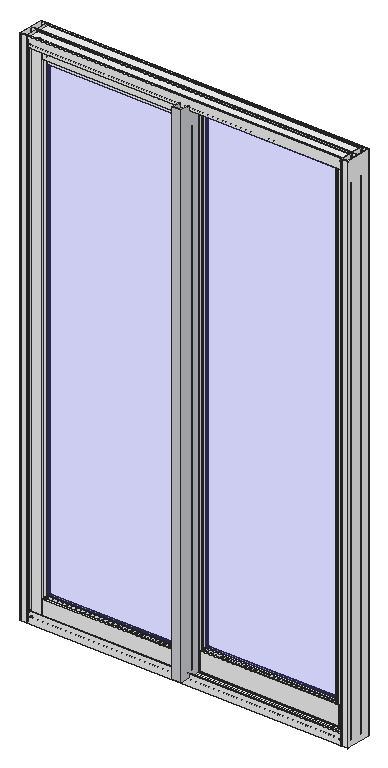
Revit family "Palace_Multi_XO_Standard", category Doors, host Wall, Revit 2014 (continued)
Definition of nested family "Palace_Sash_Fixed_Palace_XO_Std"
  Definition of nested family "Single_Glazing_Palace_XO_Std"
    Parameters (values of type "Single_Glazing")
      Glazing Height [instance] = 900 mm
      Right Sliding [instance] = yes
      Length Arrow Tip [instance] = if((Glazing Height - (2 * 50.3 mm)) / 8 > Length Arrow / 3.3, Length Arrow / 3.3, (Glazing Height - (2 * 50.3 mm)) / 8)  # 80.747 mm
      Length Arrow [instance] = (Glazing Width - (2 * 50.3 mm)) / 3  # 266.467 mm
      Left Sliding [instance] = yes
      Is Sliding [instance] = if(or(Right Sliding, Left Sliding), 1 = 1, 1 = 2)  # yes
      Glazing Thickness SG [instance] = 4 mm
      Glazing Material [instance] = Glass
      Double Glazing Gasket Material [instance] = none
      Arrow Tip Length [instance] = if((Glazing Height - (2 * 50.3 mm)) / 8 > Length Arrow / 3.3, Length Arrow / 3.3, (Glazing Height - (2 * 50.3 mm)) / 8)  # 80.747 mm
      Arrow Tip Angle = 45.00°  # constant formula
      Arrow Left Gap [instance] = (Glazing Width - Length Arrow) / 2  # 316.767 mm
      Arrow Bottom Gap [instance] = Glazing Height / 2  # 450 mm
    Reference planes
      plane 1 "Center (Front/Back)": y = 0
      plane 2: z = 0
      plane 3 "Center (Left/Right)": x = 0
    Forms (mm)
      Extrusion 1, solid, material "Glass" <- "Glazing Material"
        sketch origin (0, 0, 0) x (1, 0, 0) y (0, 0, 1)
          loop
            line (0, 0) -> (0, 900) -> (-900, 900) -> (-900, 0) -> (0, 0)
        from 0 to 4 <- "Glazing Thickness SG"
    Lines and regions (mm)
      model lines, visible <- "Is Sliding"
        curve 1: line (-583.233, -4, 450) -> (-316.767, -4, 450)
      model lines, visible <- "Left Sliding"
        curve 2: line (-316.767, -4, 450) -> (-373.864, -4, 507.097)
        curve 3: line (-316.767, -4, 450) -> (-373.864, -4, 392.903)
      model lines, visible <- "Right Sliding"
        curve 4: line (-583.233, -4, 450) -> (-526.136, -4, 507.097)
        curve 5: line (-583.233, -4, 450) -> (-526.136, -4, 392.903)
    Dimensions and locks
      "Length Arrow": curve 1 to curve 1
      "Arrow Left Gap": plane 3 "Center (Left/Right)" to curve 1
      "Arrow Bottom Gap": level to curve 1
      "Arrow Tip Length": curve 3 to curve 2
      "Arrow Tip Length": curve 3 to curve 3
      "Length Arrow Tip": curve 5 to curve 5
      "Length Arrow Tip": curve 5 to curve 4
      "Glazing Width": plane 3 "Center (Left/Right)" to Extrusion 1 sketch curve
      "Glazing Height": Extrusion 1 sketch curve to level
      "Arrow Tip Angle": angle curve 3 to curve 1
      "Arrow Tip Angle": angle curve 1 to curve 2
      "Arrow Tip Angle": angle curve 4 to curve 1
      "Arrow Tip Angle": angle curve 1 to curve 5
      aligned and locked: level to plane 2
      aligned and locked: Extrusion 1 sketch curve to plane 3 "Center (Left/Right)"
      aligned and locked: level to Extrusion 1 sketch curve
  Definition of nested family "Double_Glazing_Palace_XO_Std"
    Parameters (values of type "Double_Glazing")
      Glazing Width [instance] = 600 mm
      Glazing Height [instance] = 600 mm
      Right Sliding [instance] = yes
      Length Arrow Tip [instance] = if((Glazing Height - (2 * 50.3 mm)) / 8 > Length Arrow / 3.3, Length Arrow / 3.3, (Glazing Height - (2 * 50.3 mm)) / 8)  # 50.444 mm
      Length Arrow [instance] = (Glazing Width - (2 * 50.3 mm)) / 3  # 166.467 mm
      Left Sliding [instance] = yes
      Is Sliding [instance] = if(or(Right Sliding, Left Sliding), 1 = 1, 1 = 2)  # yes
      Glazing Thickness DG [instance] = 4 mm
      Glazing Material [instance] = Glass
      Double Glazing Gasket Thickness [instance] = 12 mm
      Double Glazing Gasket Material [instance] = none
      Arrow Tip Length [instance] = if((Glazing Height - (2 * 50.3 mm)) / 8 > Length Arrow / 3.3, Length Arrow / 3.3, (Glazing Height - (2 * 50.3 mm)) / 8)  # 50.444 mm
      Arrow Tip Angle = 45.00°  # constant formula
      Arrow Left Gap [instance] = (Glazing Width - Length Arrow) / 2  # 216.767 mm
      Arrow Bottom Gap [instance] = Glazing Height / 2  # 300 mm
    Reference planes
      plane 1 "Center (Front/Back)": y = 0
      plane 2: z = 0
      plane 3 "Center (Left/Right)": x = 0
    Forms (mm)
      Extrusion 1, solid, material "Glass" <- "Glazing Material"
        sketch origin (0, 0, 0) x (1, 0, 0) y (0, 0, 1)
          loop
            line (0, 0) -> (0, 600) -> (-600, 600) -> (-600, 0) -> (0, 0)
        from 0 to 4 <- "Glazing Thickness DG"
      Extrusion 2, solid, material <- "Double Glazing Gasket Material"
        sketch origin (0, -4, 0) x (1, 0, 0) y (0, 0, 1)
          loop
            line (-600, 600) -> (-600, 0) -> (0, 0) -> (0, 600) -> (-600, 600)
          loop
            line (-592, 8) -> (-8, 8) -> (-8, 592) -> (-592, 592) -> (-592, 8)
        from 0 to 12 <- "Double Glazing Gasket Thickness"
      Extrusion 3, solid, material "Glass" <- "Glazing Material"
        sketch origin (0, -16, 0) x (1, 0, 0) y (0, 0, 1)
          loop
            line (-600, 600) -> (-600, 0) -> (0, 0) -> (0, 600) -> (-600, 600)
        from 0 to 4 <- "Glazing Thickness DG"
    Lines and regions (mm)
      model lines, visible <- "Is Sliding"
        curve 1: line (-383.233, -20, 300) -> (-216.767, -20, 300)
      model lines, visible <- "Left Sliding"
        curve 2: line (-216.767, -20, 300) -> (-252.436, -20, 335.67)
        curve 3: line (-216.767, -20, 300) -> (-252.436, -20, 264.33)
      model lines, visible <- "Right Sliding"
        curve 4: line (-383.233, -20, 300) -> (-347.564, -20, 335.67)
        curve 5: line (-383.233, -20, 300) -> (-347.564, -20, 264.33)
    Dimensions and locks
      "Length Arrow": curve 1 to curve 1
      "Arrow Left Gap": plane 3 "Center (Left/Right)" to curve 1
      "Arrow Bottom Gap": level to curve 1
      "Arrow Tip Length": curve 3 to curve 2
      "Arrow Tip Length": curve 3 to curve 3
      "Length Arrow Tip": curve 5 to curve 5
      "Length Arrow Tip": curve 5 to curve 4
      "Glazing Width": plane 3 "Center (Left/Right)" to Extrusion 1 sketch curve
      "Glazing Height": Extrusion 1 sketch curve to level
      "Arrow Tip Angle": angle curve 3 to curve 1
      "Arrow Tip Angle": angle curve 1 to curve 2
      "Arrow Tip Angle": angle curve 4 to curve 1
      "Arrow Tip Angle": angle curve 1 to curve 5
      aligned and locked: level to plane 2
      aligned and locked: Extrusion 1 sketch curve to plane 3 "Center (Left/Right)"
      aligned and locked: level to Extrusion 1 sketch curve
      aligned and locked: Extrusion 2 sketch curve to Extrusion 1  (x4)
      aligned and locked: Extrusion 3 sketch curve to Extrusion 2  (x4)
    Automatic sketch dimensions
      Extrusion 2 sketch curve to Extrusion 1 = 8 mm  (x4)
  Definition of nested family "Palace_Heavy_Duty_Fixed_Interlocker"
    Parameters (values of type "Palace_Heavy_Duty_Fixed_Interlocker")
      Profile Material = none
      Length Interlocker [instance] = 250 mm
    Reference planes
      plane 1 "Center (Front/Back)": y = 0
      plane 2: z = 0
      plane 3 "Center (Left/Right)": x = 0
    Forms (mm)
      Extrusion 1, solid, material <- "Profile Material"
        sketch origin (0, 0, 0) x (1, 0, 0) y (0, 1, 0)
          loop
            arc (63.697, 110.567) -> (63.257, 111.628) -> (62.197, 112.067) r 1.5
            line (62.197, 112.067) -> (60.697, 112.067)
            arc (60.697, 112.067) -> (60.197, 111.567) -> (60.697, 111.067) r 0.5
            line (60.697, 111.067) -> (61.497, 111.067) -> (61.497, 109.867) -> (54.397, 109.867) -> (54.397, 111.067) -> (55.197, 111.067)
            arc (55.197, 111.067) -> (55.697, 111.567) -> (55.197, 112.067) r 0.5
            line (55.197, 112.067) -> (52.197, 112.067) -> (51.597, 111.567) -> (42.297, 111.567)
            arc (42.297, 111.567) -> (41.698, 111.009) -> (42.213, 110.373) r 0.6
            line (42.213, 110.373) -> (59.476, 107.934)
            arc (59.476, 107.934) -> (60.706, 107.265) -> (61.197, 105.954) r 2
            line (61.197, 105.954) -> (61.197, 103.267) -> (23.697, 103.267) -> (23.697, 93.576)
            arc (23.697, 93.576) -> (24.175, 93.076) -> (24.695, 93.532) r 0.5
            line (24.695, 93.532) -> (24.803, 94.767) -> (26.297, 94.767) -> (26.297, 76.267) -> (24.934, 76.267) -> (24.695, 79.002)
            arc (24.695, 79.002) -> (24.175, 79.458) -> (23.697, 78.958) r 0.5
            line (23.697, 78.958) -> (23.697, 66.067) -> (12.797, 66.067) -> (12.097, 65.667) -> (9.897, 65.667) -> (9.897, 66.967) -> (8.697, 66.967) -> (8.697, 64.267) -> (23.697, 64.267) -> (23.697, 8.267) -> (63.697, 8.267) -> (63.697, 110.567)
          loop
            line (25.697, 59.267) -> (25.697, 12.767) -> (61.697, 12.767) -> (61.697, 59.267) -> (25.697, 59.267)
          loop
            line (26.697, 74.467) -> (25.497, 74.467) -> (25.497, 61.067) -> (61.897, 61.067) -> (61.897, 101.267) -> (25.497, 101.267) -> (25.497, 96.567) -> (26.697, 96.567)
            arc (26.697, 96.567) -> (27.686, 96.157) -> (28.097, 95.167) r 1.4
            line (28.097, 95.167) -> (28.097, 75.867)
            arc (28.097, 75.867) -> (27.686, 74.877) -> (26.697, 74.467) r 1.4
        from 0 to 250 <- "Length Interlocker"
      Extrusion 2, void
        sketch origin (63.697, 102.967, 0) x (0, 1, 0) y (0, 0, -1)
          loop
            line (-52.2, 0) -> (-52.2, -19) -> (-46.4, -19) -> (-46.4, 0) -> (-52.2, 0)
          loop
            line (-52.2, -250) -> (-46.4, -250) -> (-46.4, -231) -> (-52.2, -231) -> (-52.2, -250)
        from 0 to 250
    Cuts and joins
      Extrusion 2 cuts Extrusion 1
    Dimensions and locks
      locked: Extrusion 2 sketch curve to Extrusion 1 at 42.5  (x2)
      locked: Extrusion 2 sketch curve to Extrusion 2 sketch curve at 5.8  (x2)
      locked: Extrusion 2 sketch curve to Extrusion 2 sketch curve at 19  (x2)
      aligned and locked: level to plane 2
      aligned and locked: Extrusion 1 to Extrusion 2 sketch curve
      aligned and locked: Extrusion 2 sketch curve to Extrusion 1
Definition of nested family "Palace_Sash_Sliding_Palace_XO_Std"
  Parameters (values of type "Palace_Sash_Sliding")
    Standard Interlocker [instance] = if(or(Interlock Configuration = 0 mm, Interlock Configuration = 1 mm), 1 = 1, 1 = 0)  # yes
    Single Glazing [instance] = not(Double Glazing)  # yes
    Sill Height = 85 mm
    SG Exterior Offset [instance] = Back Glazing Pillar Gap - SG Available Space + ((SG Available Space - Glazing Thickness SG) / 2)  # 27.85 mm
    SG Available Space = 12.9 mm  # constant formula
    Length Jamb & Interlocker [instance] = Sash Height  # 900 mm
    Jamb Width = 60 mm  # constant formula
    Heavy Duty Interlock [instance] = if(Interlock Configuration = 2 mm, 1 = 1, 1 = 0)  # no
    Interlocker Width = 40 mm  # constant formula
    Interlock Configuration [instance] = 1 mm
    Sash Width [instance] = 900 mm
    Sash Height [instance] = 900 mm
    Right Sliding [instance] = yes
    Profile Material [instance] = White Powder Coated Aluminium ANP 1052
    Length Sash Head & Sill [instance] = Sash Width - Interlocker Width - Jamb Width  # 800 mm
    Left Sliding [instance] = yes
    Is Sliding [instance] = if(or(Right Sliding, Left Sliding), 1 = 1, 1 = 2)  # yes
    Head Height = 50 mm  # constant formula
    Glazing Width [instance] = Sash Width - Glazing Jamb Gap - Glazing Interlocker Gap  # 790 mm
    Glazing Thickness DG [instance] = 3 mm
    Glazing Thickness SG [instance] = 4 mm
    Glazing Spacer = 5 mm  # constant formula
    Glazing Sill Gap = Sill Height + Glazing Spacer  # 90 mm
    Glazing Material [instance] = Glass
    Glazing Jamb Gap = Jamb Width + Glazing Spacer  # 65 mm
    Glazing Interlocker Gap = Interlocker Width + Glazing Spacer  # 45 mm
    Glazing Height [instance] = Sash Height - Glazing Head Gap - Glazing Sill Gap  # 755 mm
    Glazing Head Gap = Head Height + Glazing Spacer  # 55 mm
    DG Gasket Thickness [instance] = 12 mm
    Double Glazing Gasket Material [instance] = none
    Double Glazing [instance] = no
    DG Exterior Offset [instance] = Back Glazing Pillar Gap - DG Available Space + ((DG Available Space - ((Glazing Thickness DG * 2) + DG Gasket Thickness)) / 2)  # 12.9 mm
    DG Available Space = 28.8 mm  # constant formula
    Bead Width [instance] = Sash Width - Interlocker Width - Jamb Width  # 800 mm
    Bead Height [instance] = Sash Height - Sill Height - Head Height  # 765 mm
    Bead Gap From Exterior = 10.4 mm  # constant formula
    Back Glazing Pillar Gap = 36.3 mm  # constant formula
  Reference planes
    plane 1 "Center (Front/Back)": y = 0
    plane 2: z = 0
    plane 3 "Center (Left/Right)": x = 0
  Dimensions and locks
    "Interlocker Width": nested 2 to plane 3 "Center (Left/Right)"
    "Interlocker Width": nested 3 to plane 3 "Center (Left/Right)"
    "Sash Height": nested 3 to level
    "Interlocker Width": nested 4 to plane 3 "Center (Left/Right)"
    "Sill Height": nested 4 to level
    "Bead Gap From Exterior": nested 4 to plane 1 "Center (Front/Back)"
    "Interlocker Width": nested 5 to plane 3 "Center (Left/Right)"
    "Bead Gap From Exterior": nested 5 to plane 1 "Center (Front/Back)"
    "Sill Height": nested 5 to level
    "Glazing Interlocker Gap": nested 6 to plane 3 "Center (Left/Right)"
    "Glazing Sill Gap": nested 6 to level
    "SG Exterior Offset": nested 6 to plane 1 "Center (Front/Back)"
    "Glazing Interlocker Gap": nested 7 to plane 3 "Center (Left/Right)"
    "DG Exterior Offset": nested 7 to plane 1 "Center (Front/Back)"
    "Glazing Sill Gap": nested 7 to level
    "Sash Width": nested 1 to plane 3 "Center (Left/Right)"
    aligned and locked: level to plane 2
    aligned and locked: nested 1 to plane 1 "Center (Front/Back)"
    aligned and locked: nested 1 to level
    aligned and locked: nested 2 to plane 1 "Center (Front/Back)"
    aligned and locked: nested 3 to plane 1 "Center (Front/Back)"
    aligned and locked: nested 2 to level
    aligned and locked: nested 8 to plane 1 "Center (Front/Back)"
    aligned and locked: plane 3 "Center (Left/Right)" to nested 8
    aligned and locked: nested 8 to level
    aligned and locked: plane 3 "Center (Left/Right)" to nested 9
    aligned and locked: nested 9 to plane 1 "Center (Front/Back)"
    aligned and locked: nested 9 to level
  Nested families
    nested 1: "Palace_Sash_Jamb" at (-904.68, 15.626, 0) x (0, -1, 0) z (0, 0, 1), Profile Material <- "Profile Material", Length Jamb <- "Length Jamb & Interlocker", type "Palace_Sash_Jamb"
      with Profile Material White Powder Coated Aluminium ANP 1052, Length Jamb 900 mm
    nested 2: "Palace_Sash_Sill" at (-840, -51.791, -7.573), Profile Material <- "Profile Material", Length Sill <- "Length Sash Head & Sill", type "Palace_Sash_Sill"
      with Profile Material White Powder Coated Aluminium ANP 1052, Length Sill 800 mm
    nested 3: "Palace_Sash_Head" at (-840, -69.85, 642.265), Length Head <- "Length Sash Head & Sill", Profile Material <- "Profile Material", type "Palace_Sash_Head"
      with Profile Material White Powder Coated Aluminium ANP 1052, Length Head 800 mm
    nested 4: "Palace_Angled_Glazing_Bead" at (-40, -23.399, 85) x (-1, 0, 0) z (0, 0, 1), Bead Width <- "Bead Width", Bead Height <- "Bead Height", Profile Material <- "Profile Material", visible <- "Single Glazing", type "Palace_Angled_Glazing_Bead"
      with Profile Material White Powder Coated Aluminium ANP 1052, Bead Width 800 mm, Bead Height 765 mm
    nested 5: "Palace_Double_Glazing_Bead" at (-40, -26.3, 85) x (-1, 0, 0) z (0, 0, 1), Bead Width <- "Bead Width", Bead Height <- "Bead Height", Profile Material <- "Profile Material", visible <- "Double Glazing", type "Palace_Double_Glazing_Bead"
      with Profile Material White Powder Coated Aluminium ANP 1052, Bead Width 800 mm, Bead Height 765 mm
    nested 6: "Single_Glazing_Palace_XO_Std" at (-835, -31.85, 90) x (-1, 0, 0) z (0, 0, 1), Right Sliding <- "Right Sliding", Left Sliding <- "Left Sliding", Glazing Width <- "Glazing Width", Glazing Height <- "Glazing Height", Double Glazing Gasket Material <- "Double Glazing Gasket Material", Glazing Material <- "Glazing Material", Glazing Thickness SG <- "Glazing Thickness SG", visible <- "Single Glazing", type "Single_Glazing_Palace_XO_Std"
      with Right Sliding yes, Length Arrow Tip 69.636 mm, Length Arrow 229.8 mm, Left Sliding yes, Is Sliding yes, Glazing Width 790 mm, Glazing Thickness SG 4 mm, Glazing Material Glass, Glazing Height 755 mm, Double Glazing Gasket Material none, Arrow Tip Length 69.636 mm, Arrow Left Gap 280.1 mm, Arrow Bottom Gap 377.5 mm
    nested 7: "Double_Glazing_Palace_XO_Std" at (-835, -30.9, 90) x (-1, 0, 0) z (0, 0, 1), Glazing Width <- "Glazing Width", Glazing Height <- "Glazing Height", Glazing Material <- "Glazing Material", Double Glazing Gasket Material <- "Double Glazing Gasket Material", Double Glazing Gasket Thickness <- "DG Gasket Thickness", Glazing Thickness DG <- "Glazing Thickness DG", visible <- "Double Glazing", Right Sliding <- "Right Sliding", Left Sliding <- "Left Sliding", type "Double_Glazing_Palace_XO_Std"
      with Right Sliding yes, Length Arrow Tip 69.636 mm, Length Arrow 229.8 mm, Left Sliding yes, Is Sliding yes, Glazing Width 790 mm, Glazing Thickness DG 3 mm, Glazing Material Glass, Glazing Height 755 mm, Double Glazing Gasket Thickness 12 mm, Double Glazing Gasket Material none, Arrow Tip Length 69.636 mm, Arrow Left Gap 280.1 mm, Arrow Bottom Gap 377.5 mm
    nested 8: "Palace_Sliding_Interlocker" at (-86.142, -119.741, 0), Profile Material <- "Profile Material", Length Interlocker <- "Length Jamb & Interlocker", visible <- "Standard Interlocker", type "Palace_Sliding_Interlocker"
      with Profile Material White Powder Coated Aluminium ANP 1052, Length Interlocker 900 mm
    nested 9: "Palace_Heavy_Duty_Sliding_Interlocker" at (-83.599, -157.115, 0), Profile Material <- "Profile Material", Length Interlocker <- "Length Jamb & Interlocker", visible <- "Heavy Duty Interlock", type "Palace_Heavy_Duty_Sliding_Interlocker"
      with Profile Material White Powder Coated Aluminium ANP 1052, Length Interlocker 900 mm
  Definition of nested family "Palace_Sash_Jamb"
    Parameters (values of type "Palace_Sash_Jamb")
      Profile Material [instance] = none
      Length Jamb [instance] = 250 mm
    Reference planes
      plane 1 "Center (Front/Back)": y = 0
      plane 2: z = 0
      plane 3 "Center (Left/Right)": x = 0
    Forms (mm)
      Extrusion 1, solid, material <- "Profile Material"
        sketch origin (0, 0, 0) x (1, 0, 0) y (0, 1, 0)
          loop
            arc (15.626, 6.48) -> (16.153, 5.207) -> (17.426, 4.68) r 1.8
            line (17.426, 4.68) -> (57.821, 4.68)
            arc (57.821, 4.68) -> (59.094, 5.207) -> (59.621, 6.48) r 1.8
            line (59.621, 6.48) -> (59.621, 64.68) -> (54.626, 64.68) -> (54.626, 79.68) -> (51.926, 79.68) -> (51.926, 78.48) -> (53.226, 78.48) -> (53.226, 76.28) -> (52.826, 75.58) -> (52.826, 64.68) -> (39.934, 64.68)
            arc (39.934, 64.68) -> (39.435, 64.202) -> (39.891, 63.682) r 0.5
            line (39.891, 63.682) -> (42.626, 63.443) -> (42.626, 62.08) -> (24.126, 62.08) -> (24.126, 63.574) -> (25.361, 63.682)
            arc (25.361, 63.682) -> (25.817, 64.202) -> (25.317, 64.68) r 0.5
            line (25.317, 64.68) -> (15.626, 64.68) -> (15.626, 6.48)
          loop
            line (57.821, 6.48) -> (57.821, 9.88) -> (54.822, 9.88) -> (54.822, 11.079) -> (57.821, 11.079) -> (57.821, 62.88) -> (44.426, 62.88) -> (44.426, 61.68)
            arc (44.426, 61.68) -> (44.016, 60.69) -> (43.026, 60.28) r 1.4
            line (43.026, 60.28) -> (23.726, 60.28)
            arc (23.726, 60.28) -> (22.736, 60.69) -> (22.326, 61.68) r 1.4
            line (22.326, 61.68) -> (22.326, 62.88) -> (17.426, 62.88) -> (17.426, 11.079) -> (20.425, 11.079) -> (20.425, 9.88) -> (17.426, 9.88) -> (17.426, 6.48) -> (57.821, 6.48)
        from 0 to 250 <- "Length Jamb"
    Dimensions and locks
      aligned and locked: level to plane 2
  Definition of nested family "Palace_Sash_Sill"
    Parameters (values of type "Palace_Sash_Sill")
      Profile Material [instance] = none
      Length Sill [instance] = 250 mm
      Cutout Width = 15 mm  # constant formula
    Reference planes
      plane 1 "Center (Front/Back)": y = 0
      plane 2: z = 0
      plane 3 "Center (Left/Right)": x = 0
    Forms (mm)
      Extrusion 1, solid, material <- "Profile Material"
        sketch origin (0, 0, 0) x (0, 1, 0) y (0, 0, 1)
          loop
            line (7.791, 7.573) -> (9.591, 7.573) -> (9.591, 9.573) -> (12.691, 9.573) -> (12.691, 11.173) -> (9.581, 11.173) -> (9.581, 23.69) -> (10.091, 24.653) -> (10.091, 27.573) -> (49.486, 27.573) -> (49.486, 24.587) -> (50.041, 23.54) -> (50.041, 11.173) -> (46.891, 11.173) -> (46.891, 9.573) -> (49.991, 9.573) -> (49.991, 7.573) -> (51.791, 7.573) -> (51.791, 92.573) -> (42.095, 92.573)
            arc (42.095, 92.573) -> (41.595, 92.095) -> (42.051, 91.575) r 0.5
            line (42.051, 91.575) -> (43.286, 91.467) -> (43.286, 89.973) -> (24.786, 89.973) -> (24.786, 91.335) -> (27.521, 91.575)
            arc (27.521, 91.575) -> (27.977, 92.095) -> (27.477, 92.573) r 0.5
            line (27.477, 92.573) -> (14.586, 92.573) -> (14.586, 103.473) -> (14.186, 104.173) -> (14.186, 106.373) -> (15.486, 106.373) -> (15.486, 107.573) -> (12.786, 107.573) -> (12.786, 92.573) -> (7.791, 92.573) -> (7.791, 7.573)
          loop
            line (9.581, 90.773) -> (9.581, 29.373) -> (50, 29.373) -> (50, 90.773) -> (45.086, 90.773) -> (45.086, 89.573)
            arc (45.086, 89.573) -> (44.676, 88.583) -> (43.686, 88.173) r 1.4
            line (43.686, 88.173) -> (24.386, 88.173)
            arc (24.386, 88.173) -> (23.396, 88.583) -> (22.986, 89.573) r 1.4
            line (22.986, 89.573) -> (22.986, 90.773) -> (9.581, 90.773)
        from 0 to 250 <- "Length Sill"
      Extrusion 2, void
        sketch origin (0, 0, 0) x (1, 0, 0) y (0, 1, 0)
          loop
            line (0, 15.486) -> (0, 12.786) -> (15, 12.786) -> (15, 15.486) -> (0, 15.486)
          loop
            line (235, 15.486) -> (235, 12.786) -> (250, 12.786) -> (250, 15.486) -> (235, 15.486)
        from 0 to 250
    Cuts and joins
      Extrusion 2 cuts Extrusion 1
    Dimensions and locks
      "Cutout Width": Extrusion 1 to Extrusion 2 sketch curve
      "Cutout Width": Extrusion 2 sketch curve to Extrusion 1
      aligned and locked: level to plane 2
      aligned and locked: Extrusion 2 sketch curve to Extrusion 1  (x6)
    Automatic sketch dimensions
      Extrusion 1 sketch curve to plane 1 "Center (Front/Back)" = 7.791 mm
      Extrusion 1 sketch curve to plane 1 "Center (Front/Back)" = 9.581 mm
      Extrusion 1 sketch curve to Extrusion 1 sketch curve = 0 mm
      Extrusion 1 sketch curve to Extrusion 1 sketch curve = 0.01 mm
      Extrusion 1 sketch curve to Extrusion 1 sketch curve = 0.51 mm
      Extrusion 1 sketch curve to Extrusion 1 sketch curve = 3.11 mm
      Extrusion 1 sketch curve to Extrusion 1 sketch curve = 3.205 mm
      Extrusion 1 sketch curve to Extrusion 1 sketch curve = 1.4 mm  (x3)
      Extrusion 1 sketch curve to Extrusion 1 sketch curve = 1.8 mm  (x4)
      Extrusion 1 sketch curve to Extrusion 1 sketch curve = 1.3 mm
      Extrusion 1 sketch curve to Extrusion 1 sketch curve = 8.4 mm
      Extrusion 1 sketch curve to Extrusion 1 sketch curve = 0.4 mm  (x3)
      Extrusion 1 sketch curve to Extrusion 1 sketch curve = 2.691 mm
      Extrusion 1 sketch curve to Extrusion 1 sketch curve = 0.044 mm  (x2)
      Extrusion 1 sketch curve to Extrusion 1 sketch curve = 14.53 mm
      Extrusion 1 sketch curve to Extrusion 1 sketch curve = 1.235 mm
      level to Extrusion 1 sketch curve = 9.573 mm
      Extrusion 1 sketch curve to Extrusion 1 sketch curve = 34.2 mm
      Extrusion 1 sketch curve to Extrusion 1 sketch curve = 2.596 mm
      Extrusion 1 sketch curve to Extrusion 1 sketch curve = 3.1 mm
      Extrusion 1 sketch curve to Extrusion 1 sketch curve = 4.914 mm
      Extrusion 1 sketch curve to Extrusion 1 sketch curve = 0.05 mm
      level to Extrusion 1 sketch curve = 7.573 mm
      Extrusion 1 sketch curve to Extrusion 1 sketch curve = 2 mm  (x2)
      Extrusion 1 sketch curve to Extrusion 1 sketch curve = 1.6 mm  (x2)
      Extrusion 1 sketch curve to Extrusion 1 sketch curve = 12.367 mm
      Extrusion 1 sketch curve to Extrusion 1 sketch curve = 12.517 mm
      Extrusion 1 sketch curve to Extrusion 1 sketch curve = 1.048 mm
      Extrusion 1 sketch curve to Extrusion 1 sketch curve = 0.963 mm
      Extrusion 1 sketch curve to Extrusion 1 sketch curve = 2.92 mm
      Extrusion 1 sketch curve to Extrusion 1 sketch curve = 58.8 mm
      Extrusion 1 sketch curve to Extrusion 1 sketch curve = 1.2 mm  (x3)
      Extrusion 1 sketch curve to Extrusion 1 sketch curve = 1.363 mm
      Extrusion 1 sketch curve to Extrusion 1 sketch curve = 1.494 mm
      Extrusion 1 sketch curve to Extrusion 1 sketch curve = 0.239 mm
      Extrusion 1 sketch curve to Extrusion 1 sketch curve = 0.108 mm
      Extrusion 1 sketch curve to Extrusion 1 sketch curve = 0.498 mm  (x2)
      Extrusion 1 sketch curve to Extrusion 1 sketch curve = 10.9 mm
      Extrusion 1 sketch curve to Extrusion 1 sketch curve = 0.7 mm
      Extrusion 1 sketch curve to Extrusion 1 sketch curve = 2.2 mm
  Definition of nested family "Palace_Sash_Head"
    Parameters (values of type "Palace_Sash_Head")
      Profile Material [instance] = none
      Length Head [instance] = 250 mm
      Cutout Width = 15 mm  # constant formula
    Reference planes
      plane 1 "Center (Front/Back)": y = 0
      plane 2: z = 0
      plane 3 "Center (Left/Right)": x = 0
    Forms (mm)
      Extrusion 1, solid, material <- "Profile Material"
        sketch origin (0, 0, 0) x (0, 1, 0) y (0, 0, 1)
          loop
            line (69.85, 257.735) -> (68.05, 257.735) -> (68.05, 255.735) -> (64.95, 255.735) -> (64.95, 254.135) -> (68.1, 254.135) -> (68.1, 241.768) -> (67.545, 240.72) -> (67.545, 237.735) -> (28.15, 237.735) -> (28.15, 240.654) -> (27.64, 241.618) -> (27.64, 254.135) -> (30.75, 254.135) -> (30.75, 255.735) -> (27.65, 255.735) -> (27.65, 257.735) -> (25.85, 257.735) -> (25.85, 207.735) -> (30.845, 207.735) -> (30.845, 192.735) -> (33.545, 192.735) -> (33.545, 193.935) -> (32.245, 193.935) -> (32.245, 196.135) -> (32.645, 196.835) -> (32.645, 207.735) -> (45.537, 207.735)
            arc (45.537, 207.735) -> (46.036, 208.213) -> (45.58, 208.733) r 0.5
            line (45.58, 208.733) -> (42.845, 208.972) -> (42.845, 210.335) -> (61.345, 210.335) -> (61.345, 208.841) -> (60.111, 208.733)
            arc (60.111, 208.733) -> (59.655, 208.213) -> (60.154, 207.735) r 0.5
            line (60.154, 207.735) -> (69.85, 207.735) -> (69.85, 257.735)
          loop
            line (27.64, 235.935) -> (27.64, 209.535) -> (41.045, 209.535) -> (41.045, 210.735)
            arc (41.045, 210.735) -> (41.455, 211.725) -> (42.445, 212.135) r 1.4
            line (42.445, 212.135) -> (61.745, 212.135)
            arc (61.745, 212.135) -> (62.735, 211.725) -> (63.145, 210.735) r 1.4
            line (63.145, 210.735) -> (63.145, 209.535) -> (68.06, 209.535) -> (68.06, 235.935) -> (27.64, 235.935)
        from 0 to 250 <- "Length Head"
      Extrusion 2, void
        sketch origin (0, 0, 0) x (1, 0, 0) y (0, 1, 0)
          loop
            line (250, 30.845) -> (250, 33.545) -> (235, 33.545) -> (235, 30.845) -> (250, 30.845)
          loop
            line (15, 33.545) -> (0, 33.545) -> (0, 30.845) -> (15, 30.845) -> (15, 33.545)
        from 0 to 250
    Cuts and joins
      Extrusion 2 cuts Extrusion 1
    Dimensions and locks
      "Cutout Width": Extrusion 1 to Extrusion 2 sketch curve
      "Cutout Width": Extrusion 2 sketch curve to Extrusion 1
      aligned and locked: level to plane 2
      aligned and locked: Extrusion 1 to Extrusion 2 sketch curve  (x2)
      aligned and locked: Extrusion 2 sketch curve to Extrusion 1  (x4)
    Automatic sketch dimensions
      Extrusion 1 sketch curve to plane 1 "Center (Front/Back)" = 25.85 mm
      Extrusion 1 sketch curve to Extrusion 1 sketch curve = 1.79 mm  (x2)
      Extrusion 1 sketch curve to Extrusion 1 sketch curve = 0 mm  (x2)
      Extrusion 1 sketch curve to Extrusion 1 sketch curve = 1.8 mm  (x3)
      Extrusion 1 sketch curve to Extrusion 1 sketch curve = 0.51 mm
      Extrusion 1 sketch curve to Extrusion 1 sketch curve = 3.1 mm  (x2)
      Extrusion 1 sketch curve to Extrusion 1 sketch curve = 3.205 mm
      Extrusion 1 sketch curve to Extrusion 1 sketch curve = 1.4 mm  (x3)
      Extrusion 1 sketch curve to Extrusion 1 sketch curve = 1.3 mm
      Extrusion 1 sketch curve to Extrusion 1 sketch curve = 8.4 mm
      Extrusion 1 sketch curve to Extrusion 1 sketch curve = 0.4 mm  (x3)
      Extrusion 1 sketch curve to Extrusion 1 sketch curve = 2.691 mm
      Extrusion 1 sketch curve to Extrusion 1 sketch curve = 0.044 mm  (x2)
      Extrusion 1 sketch curve to Extrusion 1 sketch curve = 14.53 mm
      Extrusion 1 sketch curve to Extrusion 1 sketch curve = 1.235 mm
      Extrusion 1 sketch curve to Extrusion 1 sketch curve = 34.2 mm
      Extrusion 1 sketch curve to Extrusion 1 sketch curve = 2.596 mm
      Extrusion 1 sketch curve to Extrusion 1 sketch curve = 4.914 mm
      Extrusion 1 sketch curve to Extrusion 1 sketch curve = 0.554 mm
      level to Extrusion 1 sketch curve = 192.735 mm
      Extrusion 1 sketch curve to Extrusion 1 sketch curve = 1.2 mm
      Extrusion 1 sketch curve to Extrusion 1 sketch curve = 2.2 mm
      Extrusion 1 sketch curve to Extrusion 1 sketch curve = 0.7 mm
      Extrusion 1 sketch curve to Extrusion 1 sketch curve = 10.9 mm  (x2)
      Extrusion 1 sketch curve to Extrusion 1 sketch curve = 0.5 mm  (x2)
      Extrusion 1 sketch curve to Extrusion 1 sketch curve = 0.108 mm
      Extrusion 1 sketch curve to Extrusion 1 sketch curve = 0.239 mm
      Extrusion 1 sketch curve to Extrusion 1 sketch curve = 0.563 mm
      Extrusion 1 sketch curve to Extrusion 1 sketch curve = 0.694 mm
      Extrusion 1 sketch curve to Extrusion 1 sketch curve = 1.363 mm
      Extrusion 1 sketch curve to Extrusion 1 sketch curve = 23.8 mm
      Extrusion 1 sketch curve to Extrusion 1 sketch curve = 2.92 mm
      Extrusion 1 sketch curve to Extrusion 1 sketch curve = 2.985 mm
      Extrusion 1 sketch curve to Extrusion 1 sketch curve = 0.963 mm
      Extrusion 1 sketch curve to Extrusion 1 sketch curve = 1.048 mm
      Extrusion 1 sketch curve to Extrusion 1 sketch curve = 12.367 mm
      Extrusion 1 sketch curve to Extrusion 1 sketch curve = 12.517 mm
      Extrusion 1 sketch curve to Extrusion 1 sketch curve = 1.6 mm  (x2)
      Extrusion 1 sketch curve to Extrusion 1 sketch curve = 2 mm  (x2)
  Definition of nested family "Palace_Angled_Glazing_Bead"
    Parameters (values of type "Palace_Angled_Glazing_Bead")
      Profile Material [instance] = none
      Bead Width [instance] = 1120 mm
      Bead Height [instance] = 1860 mm
    Reference planes
      plane 1 "Center (Front/Back)": y = 0
      plane 2: z = 0
      plane 3 "Center (Left/Right)": x = 0
    Forms (mm)
      Sweep 1, solid, material <- "Profile Material"
        path origin (0, 0, 0) x (1, 0, 0) y (0, 0, 1)
          loop
            line (0, 0) -> (1120, 0) -> (1120, 1860) -> (0, 1860) -> (0, 0)
        profile origin (560, 0, 0) x (0, 0, 1) y (0, -1, 0)
          loop
            line (7.999, 0.8) -> (7.999, 2.044) -> (10.199, 4.244) -> (12.521, 1.922) -> (11.399, 0.8) -> (10.599, 0.8) -> (10.599, 0) -> (14.999, 0) -> (14.999, 1) -> (0.793, 15.205) -> (0, 15.205) -> (0, 12.999) -> (-1.4, 12.999) -> (-1.4, 13.823)
            arc (-1.4, 13.823) -> (-2.107, 13.53) -> (-2.4, 12.823) r 1
            line (-2.4, 12.823) -> (-2.4, 11.899) -> (0.6, 11.899)
            arc (0.6, 11.899) -> (0.953, 12.045) -> (1.1, 12.399) r 0.5
            line (1.1, 12.399) -> (1.1, 13.343) -> (9.421, 5.022) -> (6.899, 2.5) -> (6.899, 1.1) -> (-1.6, 1.1)
            arc (-1.6, 1.1) -> (-2.165, 0.866) -> (-2.4, 0.3) r 0.8
            line (-2.4, 0.3) -> (-2.4, -2.5)
            arc (-2.4, -2.5) -> (-1.9, -3) -> (-1.4, -2.5) r 0.5
            line (-1.4, -2.5) -> (-1.4, 0) -> (8.799, 0) -> (8.799, 0.8) -> (7.999, 0.8)
    Dimensions and locks
      "Bead Width": Sweep 1 sketch curve to Sweep 1 sketch curve
      "Bead Height": Sweep 1 sketch curve to Sweep 1 sketch curve
      aligned and locked: level to plane 2
    Automatic sketch dimensions
      Sweep 1 sketch curve to plane 1 "Center (Front/Back)" = 0 mm  (x2)
      profile plane to Sweep 1 sketch curve = 0 mm
      profile plane to Sweep 1 sketch curve = 1.4 mm  (x2)
      Sweep 1 sketch curve to Sweep 1 sketch curve = 0.2 mm
      Sweep 1 sketch curve to Sweep 1 sketch curve = 0.5 mm  (x2)
      Sweep 1 sketch curve to Sweep 1 sketch curve = 1 mm  (x2)
      Sweep 1 sketch curve to profile plane = 0.6 mm
      Sweep 1 sketch curve to profile plane = 0.793 mm
      plane 1 "Center (Front/Back)" to Sweep 1 sketch curve = 1.1 mm
      Sweep 1 sketch curve to profile plane = 6.899 mm
      Sweep 1 sketch curve to Sweep 1 sketch curve = 1.1 mm
      Sweep 1 sketch curve to Sweep 1 sketch curve = 0.8 mm  (x2)
      Sweep 1 sketch curve to Sweep 1 sketch curve = 1.422 mm
      plane 1 "Center (Front/Back)" to Sweep 1 sketch curve = 4.244 mm
      Sweep 1 sketch curve to Sweep 1 sketch curve = 0.778 mm  (x2)
      Sweep 1 sketch curve to Sweep 1 sketch curve = 1.8 mm
      plane 1 "Center (Front/Back)" to Sweep 1 sketch curve = 1.922 mm
      Sweep 1 sketch curve to Sweep 1 sketch curve = 1.122 mm
      Sweep 1 sketch curve to Sweep 1 sketch curve = 2.5 mm
      plane 1 "Center (Front/Back)" to Sweep 1 sketch curve = 0.8 mm
      Sweep 1 sketch curve to Sweep 1 sketch curve = 0.456 mm
      Sweep 1 sketch curve to Sweep 1 sketch curve = 1.444 mm
      Sweep 1 sketch curve to Sweep 1 sketch curve = 0.924 mm
      Sweep 1 sketch curve to Sweep 1 sketch curve = 0.176 mm
      Sweep 1 sketch curve to Sweep 1 sketch curve = 1.862 mm
      Sweep 1 sketch curve to Sweep 1 sketch curve = 2.478 mm
      Sweep 1 sketch curve to plane 3 "Center (Left/Right)" = 0 mm
      Sweep 1 sketch curve to level = 0 mm
  Definition of nested family "Palace_Double_Glazing_Bead"
    Parameters (values of type "Palace_Double_Glazing_Bead")
      Profile Material [instance] = none
      Bead Width [instance] = 600 mm
      Bead Height [instance] = 900 mm
    Reference planes
      plane 1 "Center (Front/Back)": y = 0
      plane 2: z = 0
      plane 3 "Center (Left/Right)": x = 0
    Forms (mm)
      Sweep 1, solid, material <- "Profile Material"
        path origin (0, 0, 0) x (1, 0, 0) y (0, 0, 1)
          loop
            line (0, 0) -> (600, 0) -> (600, 900) -> (0, 900) -> (0, 0)
        profile origin (300, 0, 0) x (0, 0, 1) y (0, -1, 0)
          loop
            line (1.6, 21.9) -> (7.5, 21.9) -> (7.5, 18.8) -> (9.35, 18.8)
            arc (9.35, 18.8) -> (9.75, 19.2) -> (9.35, 19.6) r 0.4
            line (9.35, 19.6) -> (8.55, 19.6) -> (8.55, 21.9) -> (13.95, 21.9) -> (13.95, 19.6) -> (13.15, 19.6)
            arc (13.15, 19.6) -> (12.75, 19.2) -> (13.15, 18.8) r 0.4
            line (13.15, 18.8) -> (15, 18.8) -> (15, 23.5) -> (0, 23.5) -> (0, 15.9) -> (-1.387, 15.9) -> (-1.387, 16.7)
            arc (-1.387, 16.7) -> (-2.102, 16.411) -> (-2.4, 15.7) r 1
            line (-2.4, 15.7) -> (-2.4, 0.5)
            arc (-2.4, 0.5) -> (-1.9, 0) -> (-1.4, 0.5) r 0.5
            line (-1.4, 0.5) -> (-1.4, 3.5) -> (-0.4, 3.5) -> (-0.4, 14.5) -> (1.6, 14.5) -> (1.6, 21.9)
    Lines and regions (mm)
      symbolic lines
        curve 1: line (15, 0, 15) -> (15, 0, -3.262)
        curve 2: line (585, 0, 15) -> (585, 0, -2.637)
        curve 3: line (585, 0, 885) -> (585, 0, 902.012)
        curve 4: line (15, 0, 885) -> (15, 0, 902.325)
    Dimensions and locks
      "Bead Width": Sweep 1 sketch curve to Sweep 1 sketch curve
      "Bead Height": Sweep 1 sketch curve to Sweep 1 sketch curve
      aligned and locked: level to plane 2
      aligned and locked: Sweep 1 to curve 3  (x2)
      aligned and locked: Sweep 1 to curve 4
      aligned and locked: curve 4 to Sweep 1
      aligned and locked: Sweep 1 to curve 1
      aligned and locked: curve 1 to Sweep 1
      aligned and locked: Sweep 1 to curve 2
      aligned and locked: curve 2 to Sweep 1
    Automatic sketch dimensions
      profile plane to Sweep 1 sketch curve = 2.4 mm
      Sweep 1 sketch curve to Sweep 1 sketch curve = 0.5 mm
      Sweep 1 sketch curve to Sweep 1 sketch curve = 1 mm  (x2)
      Sweep 1 sketch curve to Sweep 1 sketch curve = 0.012 mm
      Sweep 1 sketch curve to Sweep 1 sketch curve = 1.387 mm
      Sweep 1 sketch curve to Sweep 1 sketch curve = 1.6 mm  (x2)
      Sweep 1 sketch curve to Sweep 1 sketch curve = 5.9 mm
      Sweep 1 sketch curve to Sweep 1 sketch curve = 1.05 mm  (x2)
      Sweep 1 sketch curve to Sweep 1 sketch curve = 0.8 mm  (x2)
      Sweep 1 sketch curve to Sweep 1 sketch curve = 3.8 mm
      Sweep 1 sketch curve to Sweep 1 sketch curve = 3 mm
      Sweep 1 sketch curve to Sweep 1 sketch curve = 11 mm
      Sweep 1 sketch curve to Sweep 1 sketch curve = 1.2 mm
      Sweep 1 sketch curve to Sweep 1 sketch curve = 0.2 mm
      Sweep 1 sketch curve to Sweep 1 sketch curve = 4.3 mm
      Sweep 1 sketch curve to Sweep 1 sketch curve = 0 mm  (x2)
      Sweep 1 sketch curve to Sweep 1 sketch curve = 0.4 mm  (x2)
      Sweep 1 sketch curve to Sweep 1 sketch curve = 2.3 mm
      plane 1 "Center (Front/Back)" to Sweep 1 sketch curve = 0.5 mm
      curve 1 to level = 3.262 mm
      curve 2 to level = 2.637 mm
      curve 4 to curve 4 = 17.325 mm
      curve 3 to curve 3 = 17.012 mm
      Sweep 1 sketch curve to plane 3 "Center (Left/Right)" = 0 mm
      Sweep 1 sketch curve to level = 0 mm
  Definition of nested family "Single_Glazing_Palace_XO_Std"
    Parameters (values of type "Single_Glazing")
      Glazing Width [instance] = 900 mm
      Glazing Height [instance] = 900 mm
      Right Sliding [instance] = yes
      Length Arrow Tip [instance] = if((Glazing Height - (2 * 50.3 mm)) / 8 > Length Arrow / 3.3, Length Arrow / 3.3, (Glazing Height - (2 * 50.3 mm)) / 8)  # 80.747 mm
      Length Arrow [instance] = (Glazing Width - (2 * 50.3 mm)) / 3  # 266.467 mm
      Left Sliding [instance] = yes
      Is Sliding [instance] = if(or(Right Sliding, Left Sliding), 1 = 1, 1 = 2)  # yes
      Glazing Thickness SG [instance] = 4 mm
      Glazing Material [instance] = Glass
      Double Glazing Gasket Material [instance] = none
      Arrow Tip Length [instance] = if((Glazing Height - (2 * 50.3 mm)) / 8 > Length Arrow / 3.3, Length Arrow / 3.3, (Glazing Height - (2 * 50.3 mm)) / 8)  # 80.747 mm
      Arrow Tip Angle = 45.00°  # constant formula
      Arrow Left Gap [instance] = (Glazing Width - Length Arrow) / 2  # 316.767 mm
      Arrow Bottom Gap [instance] = Glazing Height / 2  # 450 mm
    Reference planes
      plane 1 "Center (Front/Back)": y = 0
      plane 2: z = 0
      plane 3 "Center (Left/Right)": x = 0
    Forms (mm)
      Extrusion 1, solid, material "Glass" <- "Glazing Material"
        sketch origin (0, 0, 0) x (1, 0, 0) y (0, 0, 1)
          loop
            line (0, 0) -> (0, 900) -> (-900, 900) -> (-900, 0) -> (0, 0)
        from 0 to 4 <- "Glazing Thickness SG"
    Lines and regions (mm)
      model lines, visible <- "Is Sliding"
        curve 1: line (-583.233, -4, 450) -> (-316.767, -4, 450)
      model lines, visible <- "Left Sliding"
        curve 2: line (-316.767, -4, 450) -> (-373.864, -4, 507.097)
        curve 3: line (-316.767, -4, 450) -> (-373.864, -4, 392.903)
      model lines, visible <- "Right Sliding"
        curve 4: line (-583.233, -4, 450) -> (-526.136, -4, 507.097)
        curve 5: line (-583.233, -4, 450) -> (-526.136, -4, 392.903)
    Dimensions and locks
      "Length Arrow": curve 1 to curve 1
      "Arrow Left Gap": plane 3 "Center (Left/Right)" to curve 1
      "Arrow Bottom Gap": level to curve 1
      "Arrow Tip Length": curve 3 to curve 2
      "Arrow Tip Length": curve 3 to curve 3
      "Length Arrow Tip": curve 5 to curve 5
      "Length Arrow Tip": curve 5 to curve 4
      "Glazing Width": plane 3 "Center (Left/Right)" to Extrusion 1 sketch curve
      "Glazing Height": Extrusion 1 sketch curve to level
      "Arrow Tip Angle": angle curve 3 to curve 1
      "Arrow Tip Angle": angle curve 1 to curve 2
      "Arrow Tip Angle": angle curve 4 to curve 1
      "Arrow Tip Angle": angle curve 1 to curve 5
      aligned and locked: level to plane 2
      aligned and locked: Extrusion 1 sketch curve to plane 3 "Center (Left/Right)"
      aligned and locked: level to Extrusion 1 sketch curve
  Definition of nested family "Double_Glazing_Palace_XO_Std"
    Parameters (values of type "Double_Glazing")
      Glazing Width [instance] = 600 mm
      Glazing Height [instance] = 600 mm
      Right Sliding [instance] = yes
      Length Arrow Tip [instance] = if((Glazing Height - (2 * 50.3 mm)) / 8 > Length Arrow / 3.3, Length Arrow / 3.3, (Glazing Height - (2 * 50.3 mm)) / 8)  # 50.444 mm
      Length Arrow [instance] = (Glazing Width - (2 * 50.3 mm)) / 3  # 166.467 mm
      Left Sliding [instance] = yes
      Is Sliding [instance] = if(or(Right Sliding, Left Sliding), 1 = 1, 1 = 2)  # yes
      Glazing Thickness DG [instance] = 4 mm
      Glazing Material [instance] = Glass
      Double Glazing Gasket Thickness [instance] = 12 mm
      Double Glazing Gasket Material [instance] = none
      Arrow Tip Length [instance] = if((Glazing Height - (2 * 50.3 mm)) / 8 > Length Arrow / 3.3, Length Arrow / 3.3, (Glazing Height - (2 * 50.3 mm)) / 8)  # 50.444 mm
      Arrow Tip Angle = 45.00°  # constant formula
      Arrow Left Gap [instance] = (Glazing Width - Length Arrow) / 2  # 216.767 mm
      Arrow Bottom Gap [instance] = Glazing Height / 2  # 300 mm
    Reference planes
      plane 1 "Center (Front/Back)": y = 0
      plane 2: z = 0
      plane 3 "Center (Left/Right)": x = 0
    Forms (mm)
      Extrusion 1, solid, material "Glass" <- "Glazing Material"
        sketch origin (0, 0, 0) x (1, 0, 0) y (0, 0, 1)
          loop
            line (0, 0) -> (0, 600) -> (-600, 600) -> (-600, 0) -> (0, 0)
        from 0 to 4 <- "Glazing Thickness DG"
      Extrusion 2, solid, material <- "Double Glazing Gasket Material"
        sketch origin (0, -4, 0) x (1, 0, 0) y (0, 0, 1)
          loop
            line (-600, 600) -> (-600, 0) -> (0, 0) -> (0, 600) -> (-600, 600)
          loop
            line (-592, 8) -> (-8, 8) -> (-8, 592) -> (-592, 592) -> (-592, 8)
        from 0 to 12 <- "Double Glazing Gasket Thickness"
      Extrusion 3, solid, material "Glass" <- "Glazing Material"
        sketch origin (0, -16, 0) x (1, 0, 0) y (0, 0, 1)
          loop
            line (-600, 600) -> (-600, 0) -> (0, 0) -> (0, 600) -> (-600, 600)
        from 0 to 4 <- "Glazing Thickness DG"
    Lines and regions (mm)
      model lines, visible <- "Is Sliding"
        curve 1: line (-383.233, -20, 300) -> (-216.767, -20, 300)
      model lines, visible <- "Left Sliding"
        curve 2: line (-216.767, -20, 300) -> (-252.436, -20, 335.67)
        curve 3: line (-216.767, -20, 300) -> (-252.436, -20, 264.33)
      model lines, visible <- "Right Sliding"
        curve 4: line (-383.233, -20, 300) -> (-347.564, -20, 335.67)
        curve 5: line (-383.233, -20, 300) -> (-347.564, -20, 264.33)
    Dimensions and locks
      "Length Arrow": curve 1 to curve 1
      "Arrow Left Gap": plane 3 "Center (Left/Right)" to curve 1
      "Arrow Bottom Gap": level to curve 1
      "Arrow Tip Length": curve 3 to curve 2
      "Arrow Tip Length": curve 3 to curve 3
      "Length Arrow Tip": curve 5 to curve 5
      "Length Arrow Tip": curve 5 to curve 4
      "Glazing Width": plane 3 "Center (Left/Right)" to Extrusion 1 sketch curve
      "Glazing Height": Extrusion 1 sketch curve to level
      "Arrow Tip Angle": angle curve 3 to curve 1
      "Arrow Tip Angle": angle curve 1 to curve 2
      "Arrow Tip Angle": angle curve 4 to curve 1
      "Arrow Tip Angle": angle curve 1 to curve 5
      aligned and locked: level to plane 2
      aligned and locked: Extrusion 1 sketch curve to plane 3 "Center (Left/Right)"
      aligned and locked: level to Extrusion 1 sketch curve
      aligned and locked: Extrusion 2 sketch curve to Extrusion 1  (x4)
      aligned and locked: Extrusion 3 sketch curve to Extrusion 2  (x4)
    Automatic sketch dimensions
      Extrusion 2 sketch curve to Extrusion 1 = 8 mm  (x4)
  Definition of nested family "Palace_Sliding_Interlocker"
    Parameters (values of type "Palace_Sliding_Interlocker")
      Profile Material [instance] = none
      Length Interlocker [instance] = 250 mm
    Reference planes
      plane 1 "Center (Front/Back)": y = 0
      plane 2: z = 0
      plane 3 "Center (Left/Right)": x = 0
    Forms (mm)
      Extrusion 1, solid, material <- "Profile Material"
        sketch origin (0, 0, 0) x (1, 0, 0) y (0, 1, 0)
          loop
            line (84.342, 119.741) -> (46.142, 119.741) -> (46.142, 110.049)
            arc (46.142, 110.049) -> (46.62, 109.55) -> (47.14, 110.006) r 0.5
            line (47.14, 110.006) -> (47.248, 111.241) -> (48.742, 111.241) -> (48.742, 92.741) -> (47.38, 92.741) -> (47.14, 95.475)
            arc (47.14, 95.475) -> (46.62, 95.931) -> (46.142, 95.432) r 0.5
            line (46.142, 95.432) -> (46.142, 82.541) -> (35.242, 82.541) -> (34.542, 82.141) -> (32.342, 82.141) -> (32.342, 83.441) -> (31.142, 83.441) -> (31.142, 80.741) -> (46.142, 80.741) -> (46.142, 75.741) -> (74.142, 75.741) -> (74.142, 73.054)
            arc (74.142, 73.054) -> (73.652, 71.742) -> (72.422, 71.074) r 2
            line (72.422, 71.074) -> (55.158, 68.635)
            arc (55.158, 68.635) -> (54.644, 67.999) -> (55.242, 67.441) r 0.6
            line (55.242, 67.441) -> (64.542, 67.441) -> (65.142, 66.941) -> (68.142, 66.941)
            arc (68.142, 66.941) -> (68.642, 67.441) -> (68.142, 67.941) r 0.5
            line (68.142, 67.941) -> (67.342, 67.941) -> (67.342, 69.141) -> (74.442, 69.141) -> (74.442, 67.941) -> (73.642, 67.941)
            arc (73.642, 67.941) -> (73.142, 67.441) -> (73.642, 66.941) r 0.5
            line (73.642, 66.941) -> (75.142, 66.941)
            arc (75.142, 66.941) -> (76.203, 67.38) -> (76.642, 68.441) r 1.5
            line (76.642, 68.441) -> (76.642, 75.741) -> (84.342, 75.741)
            arc (84.342, 75.741) -> (85.615, 76.268) -> (86.142, 77.541) r 1.8
            line (86.142, 77.541) -> (86.142, 117.941)
            arc (86.142, 117.941) -> (85.615, 119.213) -> (84.342, 119.741) r 1.8
          loop
            line (49.142, 90.941) -> (47.942, 90.941) -> (47.942, 77.541) -> (84.342, 77.541) -> (84.342, 117.741) -> (47.942, 117.741) -> (47.942, 113.041) -> (49.142, 113.041)
            arc (49.142, 113.041) -> (50.132, 112.631) -> (50.542, 111.641) r 1.4
            line (50.542, 111.641) -> (50.542, 92.341)
            arc (50.542, 92.341) -> (50.132, 91.351) -> (49.142, 90.941) r 1.4
        from 0 to 250 <- "Length Interlocker"
    Dimensions and locks
      aligned and locked: level to plane 2
  Definition of nested family "Palace_Heavy_Duty_Sliding_Interlocker"
    Parameters (values of type "Palace_Heavy_Duty_Sliding_Interlocker")
      Profile Material [instance] = none
      Length Interlocker [instance] = 250 mm
    Reference planes
      plane 1 "Center (Front/Back)": y = 0
      plane 2: z = 0
      plane 3 "Center (Left/Right)": x = 0
    Forms (mm)
      Extrusion 1, solid, material <- "Profile Material"
        sketch origin (0, 0, 0) x (1, 0, 0) y (0, 1, 0)
          loop
            line (83.599, 114.915) -> (83.599, 208.115) -> (43.599, 208.115) -> (43.599, 147.423)
            arc (43.599, 147.423) -> (44.077, 146.924) -> (44.597, 147.38) r 0.5
            line (44.597, 147.38) -> (44.705, 148.615) -> (46.199, 148.615) -> (46.199, 130.115) -> (44.836, 130.115) -> (44.597, 132.85)
            arc (44.597, 132.85) -> (44.077, 133.305) -> (43.599, 132.806) r 0.5
            line (43.599, 132.806) -> (43.599, 119.915) -> (32.699, 119.915) -> (31.999, 119.515) -> (29.799, 119.515) -> (29.799, 120.815) -> (28.599, 120.815) -> (28.599, 118.115) -> (43.599, 118.115) -> (43.599, 113.115) -> (71.599, 113.115) -> (71.599, 110.428)
            arc (71.599, 110.428) -> (71.109, 109.117) -> (69.879, 108.448) r 2
            line (69.879, 108.448) -> (52.615, 106.009)
            arc (52.615, 106.009) -> (52.101, 105.373) -> (52.699, 104.815) r 0.6
            line (52.699, 104.815) -> (61.999, 104.815) -> (62.599, 104.315) -> (65.599, 104.315)
            arc (65.599, 104.315) -> (66.099, 104.815) -> (65.599, 105.315) r 0.5
            line (65.599, 105.315) -> (64.799, 105.315) -> (64.799, 106.515) -> (71.899, 106.515) -> (71.899, 105.315) -> (71.099, 105.315)
            arc (71.099, 105.315) -> (70.599, 104.815) -> (71.099, 104.315) r 0.5
            line (71.099, 104.315) -> (72.599, 104.315)
            arc (72.599, 104.315) -> (73.66, 104.754) -> (74.099, 105.815) r 1.5
            line (74.099, 105.815) -> (74.099, 113.115) -> (81.799, 113.115)
            arc (81.799, 113.115) -> (83.072, 113.642) -> (83.599, 114.915) r 1.8
          loop
            line (46.599, 128.315) -> (45.399, 128.315) -> (45.399, 114.915) -> (81.799, 114.915) -> (81.799, 155.115) -> (45.399, 155.115) -> (45.399, 150.415) -> (46.599, 150.415)
            arc (46.599, 150.415) -> (47.589, 150.005) -> (47.999, 149.015) r 1.4
            line (47.999, 149.015) -> (47.999, 129.715)
            arc (47.999, 129.715) -> (47.589, 128.725) -> (46.599, 128.315) r 1.4
          loop
            line (45.599, 157.115) -> (81.599, 157.115) -> (81.599, 203.615) -> (45.599, 203.615) -> (45.599, 157.115)
        from 0 to 250 <- "Length Interlocker"
    Dimensions and locks
      aligned and locked: level to plane 2
Definition of nested family "Single_Glazing_Palace_XO_Std"
  Parameters (values of type "Single_Glazing")
    Glazing Width [instance] = 900 mm
    Glazing Height [instance] = 900 mm
    Right Sliding [instance] = yes
    Length Arrow Tip [instance] = if((Glazing Height - (2 * 50.3 mm)) / 8 > Length Arrow / 3.3, Length Arrow / 3.3, (Glazing Height - (2 * 50.3 mm)) / 8)  # 80.747 mm
    Length Arrow [instance] = (Glazing Width - (2 * 50.3 mm)) / 3  # 266.467 mm
    Left Sliding [instance] = yes
    Is Sliding [instance] = if(or(Right Sliding, Left Sliding), 1 = 1, 1 = 2)  # yes
    Glazing Thickness SG [instance] = 4 mm
    Glazing Material [instance] = Glass
    Double Glazing Gasket Material [instance] = none
    Arrow Tip Length [instance] = if((Glazing Height - (2 * 50.3 mm)) / 8 > Length Arrow / 3.3, Length Arrow / 3.3, (Glazing Height - (2 * 50.3 mm)) / 8)  # 80.747 mm
    Arrow Tip Angle = 45.00°  # constant formula
    Arrow Left Gap [instance] = (Glazing Width - Length Arrow) / 2  # 316.767 mm
    Arrow Bottom Gap [instance] = Glazing Height / 2  # 450 mm
  Reference planes
    plane 1 "Center (Front/Back)": y = 0
    plane 2: z = 0
    plane 3 "Center (Left/Right)": x = 0
  Forms (mm)
    Extrusion 1, solid, material "Glass" <- "Glazing Material"
      sketch origin (0, 0, 0) x (1, 0, 0) y (0, 0, 1)
        loop
          line (0, 0) -> (0, 900) -> (-900, 900) -> (-900, 0) -> (0, 0)
      from 0 to 4 <- "Glazing Thickness SG"
  Lines and regions (mm)
    model lines, visible <- "Is Sliding"
      curve 1: line (-583.233, -4, 450) -> (-316.767, -4, 450)
    model lines, visible <- "Left Sliding"
      curve 2: line (-316.767, -4, 450) -> (-373.864, -4, 507.097)
      curve 3: line (-316.767, -4, 450) -> (-373.864, -4, 392.903)
    model lines, visible <- "Right Sliding"
      curve 4: line (-583.233, -4, 450) -> (-526.136, -4, 507.097)
      curve 5: line (-583.233, -4, 450) -> (-526.136, -4, 392.903)
  Dimensions and locks
    "Length Arrow": curve 1 to curve 1
    "Arrow Left Gap": plane 3 "Center (Left/Right)" to curve 1
    "Arrow Bottom Gap": level to curve 1
    "Arrow Tip Length": curve 3 to curve 2
    "Arrow Tip Length": curve 3 to curve 3
    "Length Arrow Tip": curve 5 to curve 5
    "Length Arrow Tip": curve 5 to curve 4
    "Glazing Width": plane 3 "Center (Left/Right)" to Extrusion 1 sketch curve
    "Glazing Height": Extrusion 1 sketch curve to level
    "Arrow Tip Angle": angle curve 3 to curve 1
    "Arrow Tip Angle": angle curve 1 to curve 2
    "Arrow Tip Angle": angle curve 4 to curve 1
    "Arrow Tip Angle": angle curve 1 to curve 5
    aligned and locked: level to plane 2
    aligned and locked: Extrusion 1 sketch curve to plane 3 "Center (Left/Right)"
    aligned and locked: level to Extrusion 1 sketch curve
Types (37, lengths in mm): name | Windload Design | Width Sash Left | Width | Toughened Safety U Value | Toughened Safety SHGC Value | Sash Width Right | Sash Width Left | Sash Height | Overall Width | Overall Height | Max Pane Area | Limit Sash Width Left Min | Limit Sash Width Left Max | Intruderprufe U Value | Intruderprufe SHGC Value | Intruderprufe LowE U Value | Intruderprufe LowE SHGC Value | Intruderprufe Insulated U Value | Intruderprufe Insulated SHGC Value | Intruderprufe Insulated LowE U Value | Intruderprufe Insulated LowE SHGC Value | Interlock Configuration | Height Sash | Height | Glazing Thickness SG | Custom Door Width | Custom Door Height | Custom Windload | Area Right Sash Glazing | Area Left Sash Glazing
  (no name) | 1000 | 732 | 1490 | 6.05 | 0.673 | 732 | 732 | 2331 | 1490 | 2390 | 1.35969 m² | 300 | 1164 | 5.94 | 0.632 | 4.71 | 0.559 | 3.71 | 0.548 | 3.16 | 0.496 | 1 | 2331 | 2390 | 4 | 1490 | 2390 | 1000 | 1.35969 m² | 1.35969 m²
  Palace-1521XO-1000Pa | 1000 | 732 | 1490 | 6.06 | 0.661 | 732 | 732 | 2031 | 1490 | 2090 | 1.17309 m² | 300 | 1164 | 5.96 | 0.621 | 4.77 | 0.549 | 3.77 | 0.539 | 3.23 | 0.488 | 0 | 2031 | 2090 | 4 | 1490 | 2090 | 1000 | 1.17309 m² | 1.17309 m²
  Palace-1521XO-1500Pa | 1500 | 732 | 1490 | 6.06 | 0.661 | 732 | 732 | 2031 | 1490 | 2090 | 1.17309 m² | 300 | 1164 | 5.96 | 0.621 | 4.77 | 0.549 | 3.77 | 0.539 | 3.23 | 0.488 | 1 | 2031 | 2090 | 4 | 1490 | 2090 | 1500 | 1.17309 m² | 1.17309 m²
  Palace-1521XO-2000Pa | 2000 | 732 | 1490 | 6.06 | 0.661 | 732 | 732 | 2031 | 1490 | 2090 | 1.17309 m² | 300 | 1164 | 5.96 | 0.621 | 4.77 | 0.549 | 3.77 | 0.539 | 3.23 | 0.488 | 1 | 2031 | 2090 | 4 | 1490 | 2090 | 2000 | 1.17309 m² | 1.17309 m²
  Palace-1821XO-1000Pa | 1000 | 732 | 1790 | 6.07 | 0.676 | 882 | 882 | 2031 | 1490 | 2090 | 1.45599 m² | 300 | 1464 | 5.94 | 0.634 | 4.68 | 0.561 | 3.7 | 0.55 | 3.13 | 0.498 | 0 | 2031 | 2090 | 4 | 1790 | 2090 | 1000 | 1.45599 m² | 1.45599 m²
  Palace-1821XO-1500Pa | 1500 | 732 | 1790 | 6.07 | 0.676 | 882 | 882 | 2031 | 1490 | 2090 | 1.45599 m² | 300 | 1464 | 5.94 | 0.634 | 4.68 | 0.561 | 3.7 | 0.55 | 3.13 | 0.498 | 1 | 2031 | 2090 | 4 | 1790 | 2090 | 1500 | 1.45599 m² | 1.45599 m²
  Palace-1821XO-2000Pa | 2000 | 732 | 1790 | 6.07 | 0.676 | 882 | 882 | 2031 | 1490 | 2090 | 1.45599 m² | 300 | 1464 | 5.94 | 0.634 | 4.68 | 0.561 | 3.7 | 0.55 | 3.13 | 0.498 | 1 | 2031 | 2090 | 4 | 1790 | 2090 | 2000 | 1.45599 m² | 1.45599 m²
  Palace-2121XO-1000Pa | 1000 | 732 | 2090 | 6.07 | 0.686 | 1032 | 1032 | 2031 | 1490 | 2090 | 1.73889 m² | 564 | 1500 | 5.96 | 0.644 | 4.62 | 0.569 | 3.64 | 0.559 | 3.06 | 0.505 | 1 | 2031 | 2090 | 5 | 2090 | 2090 | 1000 | 1.73889 m² | 1.73889 m²
  Palace-2121XO-1500Pa | 1500 | 732 | 2090 | 6.07 | 0.686 | 1032 | 1032 | 2031 | 1490 | 2090 | 1.73889 m² | 564 | 1500 | 5.96 | 0.644 | 4.62 | 0.569 | 3.64 | 0.559 | 3.06 | 0.505 | 1 | 2031 | 2090 | 5 | 2090 | 2090 | 1500 | 1.73889 m² | 1.73889 m²
  Palace-2121XO-2000Pa | 2000 | 1032 | 2090 | 6.07 | 0.686 | 1032 | 1032 | 2031 | 2090 | 2090 | 1.73889 m² | 564 | 1500 | 5.96 | 0.644 | 4.62 | 0.569 | 3.64 | 0.559 | 3.06 | 0.505 | 1 | 2031 | 2090 | 5 | 2090 | 2090 | 2000 | 1.73889 m² | 1.73889 m²
  Palace-2421XO-1000Pa | 1000 | 1032 | 2390 | 6.07 | 0.693 | 1182 | 1182 | 2031 | 2090 | 2090 | 2.02179 m² | 864 | 1500 | 5.96 | 0.651 | 4.58 | 0.576 | 3.6 | 0.565 | 3 | 0.51 | 1 | 2031 | 2090 | 5 | 2390 | 2090 | 1000 | 2.02179 m² | 2.02179 m²
  Palace-2421XO-1500Pa | 1500 | 1032 | 2390 | 6.07 | 0.693 | 1182 | 1182 | 2031 | 2090 | 2090 | 2.02179 m² | 864 | 1500 | 5.96 | 0.651 | 4.58 | 0.576 | 3.6 | 0.565 | 3 | 0.51 | 1 | 2031 | 2090 | 5 | 2390 | 2090 | 1500 | 2.02179 m² | 2.02179 m²
  Palace-2421XO-2000Pa | 2000 | 1182 | 2390 | 6.07 | 0.693 | 1182 | 1182 | 2031 | 2390 | 2090 | 2.02179 m² | 864 | 1500 | 5.96 | 0.651 | 4.58 | 0.576 | 3.6 | 0.565 | 3 | 0.51 | 1 | 2031 | 2090 | 5 | 2390 | 2090 | 2000 | 2.02179 m² | 2.02179 m²
  Palace-2721XO-1000Pa | 1000 | 1182 | 2690 | 6.07 | 0.699 | 1332 | 1332 | 2031 | 2390 | 2090 | 2.30469 m² | 1164 | 1500 | 5.97 | 0.657 | 4.54 | 0.58 | 3.57 | 0.569 | 2.96 | 0.514 | 1 | 2031 | 2090 | 6.4 | 2690 | 2090 | 1000 | 2.30469 m² | 2.30469 m²
  Palace-2721XO-1500Pa | 1500 | 1182 | 2690 | 6.07 | 0.699 | 1332 | 1332 | 2031 | 2390 | 2090 | 2.30469 m² | 1164 | 1500 | 5.97 | 0.657 | 4.54 | 0.58 | 3.57 | 0.569 | 2.96 | 0.514 | 1 | 2031 | 2090 | 6.4 | 2690 | 2090 | 1500 | 2.30469 m² | 2.30469 m²
  Palace-2721XO-2000Pa | 2000 | 1182 | 2690 | 6.07 | 0.699 | 1332 | 1332 | 2031 | 2390 | 2090 | 2.30469 m² | 1164 | 1500 | 5.97 | 0.657 | 4.54 | 0.58 | 3.57 | 0.569 | 2.96 | 0.514 | 1 | 2031 | 2090 | 6.4 | 2690 | 2090 | 2000 | 2.30469 m² | 2.30469 m²
  Palace-3021XO-1000Pa | 1000 | 1482 | 2990 | 6.07 | 0.704 | 1482 | 1482 | 2031 | 2990 | 2090 | 2.58759 m² | 1464 | 1500 | 7.9 | 0 | 7.9 | 0 | 3.54 | 0.573 | 2.93 | 0.518 | 1 | 2031 | 2090 | 6.4 | 2990 | 2090 | 1000 | 2.58759 m² | 2.58759 m²
  Palace-3021XO-1500Pa | 1500 | 1482 | 2990 | 6.07 | 0.704 | 1482 | 1482 | 2031 | 2990 | 2090 | 2.58759 m² | 1464 | 1500 | 7.9 | 0 | 7.9 | 0 | 3.54 | 0.573 | 2.93 | 0.518 | 1 | 2031 | 2090 | 6.4 | 2990 | 2090 | 1500 | 2.58759 m² | 2.58759 m²
